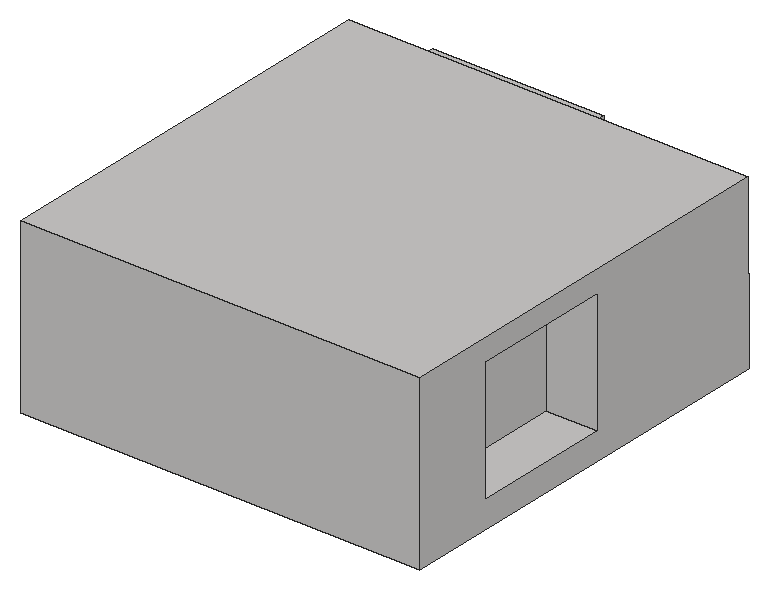
Revit family
Parameters
  Width = 4' - 0 1/8"
  Voltage = 208 V
  Unit Weight = "225.0 lbs"
  UltraLoc Liner = Choose Liner Option = 3  # no
  URL = "http://www.titus-hvac.com/"
  UL = "181"
  Supply Air Flow [instance] = 0 CFM
  SteriLoc Liner = Choose Liner Option = 2  # no
  Primary Air Pressure Drop [instance] = 0.00 in-wg
  Primary Air Flow [instance] = 0 CFM
  Plenum Air Pressure Drop [instance] = 0.00 in-wg
  Plenum Air Flow [instance] = 0 CFM
  Outlet Width = 1' - 4 1/2"
  Outlet Vertical Offset = 0' - 1 1/8"
  Outlet Horizontal Offset = 0' - 1 3/8"
  Outlet Height = 1' - 2 1/2"
  Number of Poles = 2
  Nominal Width = Width + 0' 6 1/4"  # 4' - 6 3/8"
  Nominal Length = Length + 0' 3 3/8"  # 4' - 2 1/4"
  Nominal Inlet Size = 1' - 0"
  Nominal Height = 1' - 8 1/8"
  NFPA = "90A"
  Motor Full Load Amps = 7.2 A
  Model = "DTQS"
  Min. Air Flow = 0 CFM
  Max. Air Flow = 0 CFM
  Material = Galvanized Steel
  Manufacturer = "Titus"
  Length = 3' - 10 7/8"
  Juction Box Offset = 0' - 4 7/8"
  Inlet Diameter = Nominal Inlet Size - 0' 0 1/8"  # 0' - 11 7/8"
  Induced offset = 0' - 1 1/4"
  Induced Air Inlet Offset = 0' - 4 1/2"
  Induced Air Inlet Width = 1' - 9"
  Induced Air Inlet Height = 1' - 5 1/2"
  Induced Air Filter = no
  Heating Total Capacity [instance] = 0 Btu/h
  Half Outlet Connection Width = Outlet Width / 2  # 0' - 8 1/4"
  Half Outlet Connection Height = Outlet Height / 2  # 0' - 7 1/4"
  Half Height Start = -(Nominal Height / 2)  # -0' - 10 1/16"
  Half Height End = Nominal Height / 2  # 0' - 10 1/16"
  HP-Motor = "3/4"
  Frequency = 60 Hz
  Filter Size = "27\"x20\""
  Fiber Free Liner = Choose Liner Option = 1  # no
  Fan Disconnect Switch = no
  Duct Radius = Nominal Inlet Size / 2  # 0' - 6"
  Description = "Series Fan Powered Terminal Unit, Direct Digital Control, Pressure Independent"
  Connection Void Radius = Connection Radius - 0' 0 1/4"  # 0' - 5 11/16"
  Connection Radius = Inlet Diameter / 2  # 0' - 5 15/16"
  Choose Liner Option = 0
  CADworks URL = "www.CADworks.net"
  Assembly Code = "D3040100"
  Apparent Power = Voltage * Motor Full Load Amps  # 1497.6 VA
  Air Inlet Offset = 0' - 8"
  1/2" Fiberglass Liner = Choose Liner Option = 0  # yes
Reference planes (in)
  plane 1 "Center (Front/Back)": y = 0
  plane 2: z = 0
  plane 3 "Center (Left/Right)": x = 3
  plane 4: x = -20.4375
  plane 5: x = 26.4375
  plane 6: x = -15.5625
  plane 7: x = -23.8125
  plane 8 "Center (Elevation)": z = 0
  plane 9: y = -24.0625
  plane 10: y = 24.0625
  plane 11: y = 16.0625
  plane 12: y = -19.5625
  plane 13: x = 20.4375
  plane 14: y = 30.3125
  plane 15: z = 10.0625
  plane 16: z = -10.0625
Forms (in)
  Extrusion 1, solid, material "Galvanized Steel" <- "Material"
    sketch origin (0, 0, 52) x (1, 0, 0) y (0, 1, 0)
      loop
        line (-20.4375, 24.0625) -> (-20.4375, -24.0625) -> (26.4375, -24.0625) -> (26.4375, 24.0625) -> (-20.4375, 24.0625)
    from -62.0625 <- "Half Height Start" to -41.9375 <- "Half Height End"
  Extrusion 2, solid, material "Galvanized Steel" <- "Material"
    sketch origin (3.0625, 0, -6) x (1, 0, 0) y (0, 1, 0)
      loop
        line (-18.625, 24.0625) -> (1.375, 24.0625) -> (1.375, 30.3125) -> (-18.625, 30.3125) -> (-18.625, 24.0625)
    from 0 to 12
  Extrusion 3, void
    sketch origin (26.4375, 24.0625, 53.125) x (0, 1, 0) y (0, 0, -1)
      loop
        line (-22.125, 45.5625) -> (-22.125, 60.0625) -> (-38.625, 60.0625) -> (-38.625, 45.5625) -> (-22.125, 45.5625)
    from 0 to 6
  Extrusion 4, solid, material "Galvanized Steel" <- "Material"
    sketch origin (-24.875, 0.5625, 0) x (0, 0, -1) y (0, 1, 0)
      loop
        circle (0, 15.5) r 5.9375
    from 1.0625 to 4.4375
  Extrusion 5, void
    sketch origin (-24.875, 0, 0) x (0, 1, 0) y (0, 0, 1)
      loop
        circle (16.0625, 0) r 5.6875
    from 1.0625 to 9.3125
  Extrusion 6, void
    sketch origin (-20.4375, -24.0625, 52) x (0, -1, 0) y (0, 0, -1)
      loop
        line (-25.5, 43.3125) -> (-4.5, 43.3125) -> (-4.5, 60.8125) -> (-25.5, 60.8125) -> (-25.5, 43.3125)
    from 0 to 4.875
Cuts and joins
  Extrusion 3, Extrusion 5, Extrusion 6 cuts Extrusion 1
  Extrusion 5 cuts Extrusion 4
Dimensions and locks (in)
  "Length": plane 5 to plane 4
  equal spacing: plane 5, plane 3 "Center (Left/Right)", plane 4
  locked: Extrusion 2 to plane 6 at 0
  locked: Extrusion 2 to Extrusion 2 at 20
  "Juction Box Offset": plane 6 to plane 4
  "Outlet Height": Extrusion 3 sketch curve to Extrusion 3 sketch curve
  "Outlet Width": Extrusion 3 sketch curve to Extrusion 3 sketch curve
  locked: plane 4 to plane 7 at 3.375
  "Width": plane 9 to plane 10
  equal spacing: plane 9, plane 1 "Center (Front/Back)", plane 10
  locked: Extrusion 4 sketch curve to level at 0
  locked: Extrusion 4 sketch curve to plane 11 at 0
  locked: Extrusion 5 sketch curve to level at 0
  locked: Extrusion 5 sketch curve to plane 11 at 0
  locked: Extrusion 2 to Extrusion 2 at 6.25
  "Air Inlet Offset": plane 10 to plane 11
  locked: Extrusion 2 to plane 10 at 0
  locked: cut or joined group of Extrusion 4, Extrusion 5 to plane 7 at 0
  locked: cut or joined group of Extrusion 4, Extrusion 5 to cut or joined group of Extrusion 4, Extrusion 5 at 3.375
  "Induced Air Inlet Offset": plane 9 to plane 12
  "Induced Air Inlet Width": Extrusion 6 sketch curve to Extrusion 6 sketch curve
  "Induced Air Inlet Height": Extrusion 6 sketch curve to Extrusion 6 sketch curve
  "Induced Air Inlet Offset": Extrusion 6 sketch curve to plane 9
  locked: plane 9 to Extrusion 3 sketch curve at 9.5
  cut or joined group of Extrusion 1, Extrusion 3, Extrusion 5, Extrusion 6 to Extrusion 3 sketch curve = 0' - 3 1/8"
  locked: Extrusion 2 to Extrusion 2 at 12
  equal spacing: Extrusion 2, level, Extrusion 2
  locked: cut or joined group of Extrusion 1, Extrusion 3, Extrusion 5, Extrusion 6 to cut or joined group of Extrusion 1, Extrusion 3, Extrusion 5, Extrusion 6 at 20.125
  equal spacing: cut or joined group of Extrusion 1, Extrusion 3, Extrusion 5, Extrusion 6, level, cut or joined group of Extrusion 1, Extrusion 3, Extrusion 5, Extrusion 6
  "Induced offset": Extrusion 6 sketch curve to cut or joined group of Extrusion 1, Extrusion 3, Extrusion 5, Extrusion 6
  "Connection Radius": radius of Extrusion 4 sketch curve
  "Connection Void Radius": radius of Extrusion 5 sketch curve
  aligned and locked: plane 6 to Extrusion 6
  aligned and locked: Extrusion 3 to plane 13
  aligned and locked: plane 5 to cut or joined group of Extrusion 1, Extrusion 3, Extrusion 5, Extrusion 6
  aligned and locked: cut or joined group of Extrusion 1, Extrusion 3, Extrusion 5, Extrusion 6 to plane 4
  aligned and locked: cut or joined group of Extrusion 1, Extrusion 3, Extrusion 5, Extrusion 6 to plane 10
  aligned and locked: plane 9 to cut or joined group of Extrusion 1, Extrusion 3, Extrusion 5, Extrusion 6
  aligned and locked: Extrusion 1 to Extrusion 6
  aligned and locked: Extrusion 5 to plane 7
  aligned and locked: plane 6 to Extrusion 5
Automatic sketch dimensions
  Extrusion 1 sketch curve to plane 4 = 0' - 0"
  plane 5 to Extrusion 1 sketch curve = 0' - 0"
  Extrusion 1 sketch curve to plane 9 = 0' - 0"
  Extrusion 1 sketch curve to plane 10 = 0' - 0"
  Extrusion 2 sketch curve to plane 6 = 0' - 0"
  Extrusion 2 sketch curve to plane 10 = 0' - 0"
  plane 3 "Center (Left/Right)" to Extrusion 2 sketch curve = 0' - 1 7/16"
  Extrusion 2 sketch curve to plane 10 = 0' - 6 1/4"
Connectors (in)
  electrical at (-5.5625, 30.3125, 0), driven by "Apparent Power", driven by "Voltage", driven by "Number of Poles"
    settings: on Extrusion 2, index 8
  hvac at (-23.8125, 16.0625, 0), driven by "Primary Air Flow", driven by "Duct Radius", driven by "Primary Air Pressure Drop"
    settings: on cut or joined group of Extrusion 4, Extrusion 5, index 9
  hvac at (-20.4375, -9.0625, -0.0625), driven by "Induced Air Inlet Height", driven by "Induced Air Inlet Width", driven by "Plenum Air Pressure Drop", driven by "Plenum Air Flow"
    settings: on cut or joined group of Extrusion 1, Extrusion 3, Extrusion 5, Extrusion 6, index 12
  hvac at (26.4375, -6.3125, 0.3125), driven by "Supply Air Flow", driven by "Outlet Width", driven by "Outlet Height"
    settings: on cut or joined group of Extrusion 1, Extrusion 3, Extrusion 5, Extrusion 6, index 13
